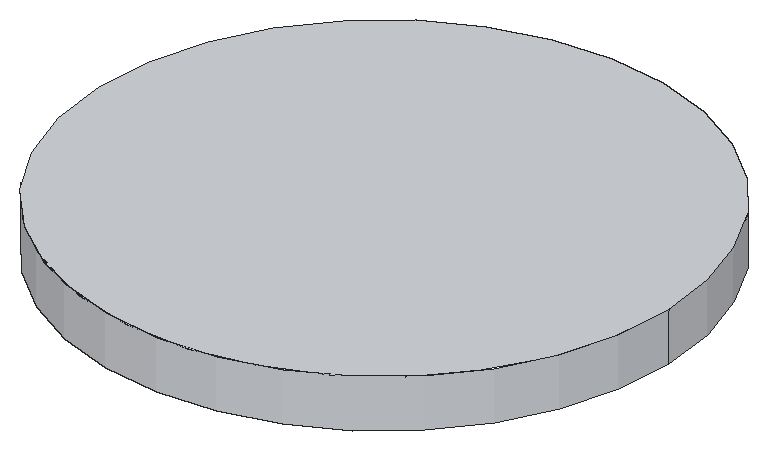
Revit family "F005-35x3", category Furniture Systems, Revit 2019
Family settings
  Round Connector Dimension = Use Diameter
  Part Type = Normal
  Work Plane-Based = No
  Always vertical = Yes
  Cut with Voids When Loaded = No
  Shared = No
  Room Calculation Point = No
Parameters
  URL = "https://fomcore.com/"
  Model = "F005-35X3"
  Manufacturer = "FOMCORE"
  Fabric = none
  Description = "Nest Series - Oriole's/Lug Egg Pad"
Reference planes (in)
  plane 1 "Center F/B": y = 0
  plane 2: z = 0
  plane 3 "Center L/R": x = 0
  plane 4: x = 17.49998
  plane 5: y = 17.49976
  plane 6: x = -17.50002
  plane 7: y = -17.50024
Forms (in)
  Extrusion 1, solid, material <- "Fabric"
    sketch origin (0, 0, 0) x (1, 0, 0) y (0, 1, 0)
      loop
        circle (0, 0) r 17.5
    from 0 to 3
Dimensions and locks (in)
  plane 5 to plane 7 = 2' - 11"
  plane 6 to plane 4 = 2' - 11"
  aligned and locked: level to plane 2
